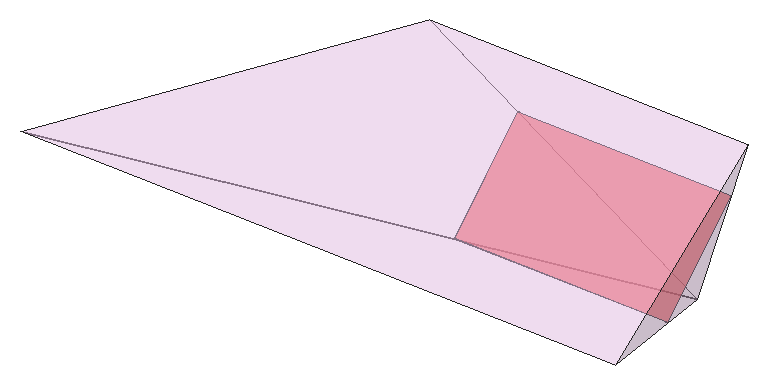
Revit family "Camera-Security-Panasonic-Super_Dynamic-Vandal_Resistant-Dome-Network-S2231LSeriesX", category Security Devices, host Face, Revit 2013
Parameters (values of type "Camera-Security-Panasonic-ViewVolumePTYZ")
  z Yaw Actual [instance] = if(Yaw < 0.00°, 360.00° - (abs(Yaw) - rounddown(abs(Yaw) / 360.00°) * 360.00°), Yaw - rounddown(Yaw / 360.00°) * 360.00°)  # 0.00°
  z Void Width [instance] = if(z Screen Width > z Screen Height, z Screen Width, z Screen Height) + abs(Viewpoint Origin Horizontal Offset) + z Void Thickness * 2  # 32147.005 mm
  z Void Thickness [instance] = z Screen Depth + abs(Base Height Offset)  # 10300 mm
  z Void Height Start [instance] = -z Void Width / 2  # -16073.503 mm
  z Void Height End [instance] = z Void Width / 2  # 16073.503 mm
  z Void Direction [instance] = if((if(On Wall, 1, 0) + if(On Floor, 1, 0) + if(On Ceiling, 1, 0)) = 1, if(On Ceiling, 0, if(On Wall, 1, 2)), On Default Mount Type)  # 0
  z Viewpoint Depth [instance] = if(Viewpoint Depth < 1 mm, 1 mm, Viewpoint Depth)  # 150 mm
  z Tilt Actual [instance] = if(Tilt < 0.00°, 360.00° - (abs(Tilt) - rounddown(abs(Tilt) / 360.00°) * 360.00°), Tilt - rounddown(Tilt / 360.00°) * 360.00°)  # 45.00°
  z Target Visible [instance] = not(Screen Depth < Target Depth)  # yes
  z Target Thickness Start = -z Target Thickness / 2  # -1 mm
  z Target Thickness End = z Target Thickness / 2  # 1 mm
  z Target Depth [instance] = Target Depth + Viewpoint Depth  # 2150 mm
  z Pan Actual [instance] = if(Pan < 0.00°, 360.00° - (abs(Pan) - rounddown(abs(Pan) / 360.00°) * 360.00°), Pan - rounddown(Pan / 360.00°) * 360.00°)  # 0.00°
  z Floor Distance [instance] = if(z Void Direction = 2, if(Floor Distance < 0 mm, 0 mm, Floor Distance), if(Floor Distance < 10 mm, 10 mm, Floor Distance))  # 3000 mm
  z Const Yaw Base2 Length = 440 mm  # constant formula
  z Const Tilt Base2 Length = 500 mm  # constant formula
  z Ceiling Distance [instance] = if(z Void Direction = 2, if(Ceiling Distance < 10 mm, 10 mm, Ceiling Distance), if(Ceiling Distance < 0 mm, 0 mm, Ceiling Distance))  # 0 mm
  z Const Void Handle Length = 600 mm  # constant formula
  z Void Angle [instance] = if(z Void Direction = 0, 0.00° + Base Angle Offset, if(z Void Direction = 1, 90.00° + Base Angle Offset, 180.00° + Base Angle Offset))  # 0.00°
  z Screen Depth [instance] = if(Screen Depth < 100 mm, 100 mm + Viewpoint Depth, Screen Depth + Viewpoint Depth)  # 10150 mm
  Original Creation Date = "September, 15, 2016"  # constant formula
  On Default Mount Type [instance] = 0
  Manufacturer = "Panasonic"  # constant formula
  Family Version = "1.0.0"  # constant formula
  Date Last Modified = "September, 15, 2016"  # constant formula
  Copyright = "Copyright © Panasonic"  # constant formula
  Base Height Offset [instance] = 150 mm
  Base Angle Offset [instance] = 0.00°
  z Viewpoint Width = 1 mm  # constant formula
  z Viewpoint Height = 1 mm  # constant formula
  VFOV [instance] = 33.75°
  z Target Width [instance] = Target Depth * tan(HFOV / 2) * 2  # 2309.401 mm
  z Target Thickness = 2 mm  # constant formula
  z Target Height [instance] = Target Depth * tan(VFOV / 2) * 2  # 1213.387 mm
  Target Depth [instance] = 2000 mm
  z Screen Width [instance] = (z Screen Depth - Viewpoint Depth) * tan(HFOV / 2) * 2  # 11547.005 mm
  z Screen Height [instance] = (z Screen Depth - Viewpoint Depth) * tan(VFOV / 2) * 2  # 6066.934 mm
  Screen Depth [instance] = 10000 mm
  z Const Yaw Handle Length = 235 mm  # constant formula
  z Const Yaw Base Length = 260 mm  # constant formula
  Viewpoint Depth [instance] = 150 mm
  Viewpoint Origin Horizontal Offset [instance] = 0 mm
  z Const Tilt Handle Length = 360 mm  # constant formula
  z Const Tilt Base Length = 250 mm  # constant formula
  z Const Pan Handle Length = 500 mm  # constant formula
  z Const Pan Axis Length = 400 mm  # constant formula
  On Wall [instance] = no
  On Floor [instance] = no
  On Ceiling [instance] = yes
  HFOV [instance] = 60.00°
  Yaw [instance] = 0.00°
  Tilt [instance] = 45.00°
  Pan [instance] = 0.00°
  Floor Distance [instance] = 3000 mm
  Ceiling Distance [instance] = 0 mm
Reference planes
  plane 1 "Center (Front/Back)": y = 0
  plane 2: z = 0
  plane 3 "Center (Left/Right)": x = 0
  plane 4 "VoidOffsetBase": z = -150
Forms (mm)
  Extrusion 1, void
    sketch origin (0, 0, -150) x (0, 0, 1) y (0, -1, 0)
      loop
        line (13300, 16073.503) -> (3000, 16073.503) -> (3000, -16073.503) -> (13300, -16073.503) -> (13300, 16073.503)
      loop
        line (0, 16073.503) -> (-10300, 16073.503) -> (-10300, -16073.503) -> (0, -16073.503) -> (0, 16073.503)
    from -16073.503 <- "z Void Height Start" to 16073.503 <- "z Void Height End"
  Blend 2, solid, material "Panasonic - ViewVolume"
    base sketch origin (0, -106.066, 106.066) x (0, 0.707107, 0.707107) y (-1, 0, 0)
      loop
        line (-0.5, -0.5) -> (0.5, -0.5) -> (0.5, 0.5) -> (-0.5, 0.5) -> (-0.5, -0.5)
    top sketch origin (0, -7177.134, 7177.134) x (0, 0.707107, 0.707107) y (-1, 0, 0)
      loop
        line (-3033.467, -5773.503) -> (3033.467, -5773.503) -> (3033.467, 5773.503) -> (-3033.467, 5773.503) -> (-3033.467, -5773.503)
    from 0 to 0
  Extrusion 3, solid, material "Panasonic - Target", visible <- "z Target Visible"
    sketch origin (0, -1520.28, 1520.28) x (0, 0.707107, 0.707107) y (-1, 0, 0)
      loop
        line (-606.693, -1154.701) -> (606.693, -1154.701) -> (606.693, 1154.701) -> (-606.693, 1154.701) -> (-606.693, -1154.701)
    from -1 <- "z Target Thickness Start" to 1 <- "z Target Thickness End"
Cuts and joins
  Extrusion 1 cuts Blend 2
  Extrusion 1 cuts Extrusion 3
Lines and regions (mm)
  reference lines
    curve 1: line (0, 0, 0) -> (500, 0, 0)
    curve 2: line (0, 0, -400) -> (0, 0, 0)
    curve 3: line (0, 0, 0) -> (0, -250, 0)
    curve 4: line (0, 0, 0) -> (0, 0, 500)
    curve 5: line (0, -254.558, 254.558) -> (0, 0, 0)
    curve 6: line (0, 0, 0) -> (0, 183.848, 183.848)
    curve 7: line (0, 0, 0) -> (-440, 0, 0)
    curve 8: line (0, 0, 0) -> (-235, 0, 0)
    curve 9: line (0, -106.066, 106.066) -> (0, 0, 0)
    curve 10: line (0, 0, 0) -> (0, -1520.28, 1520.28)
    curve 11: line (0, 0, 0) -> (0, -7177.134, 7177.134)
    curve 12: line (-0.5, -105.712, 106.42) -> (0.5, -105.712, 106.42)
    curve 13: line (-0.5, -106.42, 105.712) -> (0.5, -106.42, 105.712)
    curve 14: line (-0.5, -105.712, 106.42) -> (-0.5, -106.42, 105.712)
    curve 15: line (0.5, -105.712, 106.42) -> (0.5, -106.42, 105.712)
    curve 16: line (-1154.701, -1091.283, 1949.277) -> (1154.701, -1091.283, 1949.277)
    curve 17: line (-1154.701, -1949.277, 1091.283) -> (1154.701, -1949.277, 1091.283)
    curve 18: line (-1154.701, -1091.283, 1949.277) -> (-1154.701, -1949.277, 1091.283)
    curve 19: line (1154.701, -1091.283, 1949.277) -> (1154.701, -1949.277, 1091.283)
    curve 20: line (-5773.503, -5032.149, 9322.119) -> (-5773.503, -9322.119, 5032.149)
    curve 21: line (5773.503, -5032.149, 9322.119) -> (5773.503, -9322.119, 5032.149)
    curve 22: line (-5773.503, -5032.149, 9322.119) -> (5773.503, -5032.149, 9322.119)
    curve 23: line (-5773.503, -9322.119, 5032.149) -> (5773.503, -9322.119, 5032.149)
    curve 24: line (0, 0, -150) -> (0, 0, 450)
    curve 25: line (0, -16073.503, 13150) -> (0, 16073.503, 13150)
    curve 26: line (0, -16073.503, 2850) -> (0, -16073.503, 13150)
    curve 27: line (0, 16073.503, 2850) -> (0, -16073.503, 2850)
    curve 28: line (0, 16073.503, 13150) -> (0, 16073.503, 2850)
    curve 29: line (0, -16073.503, -150) -> (0, 16073.503, -150)
    curve 30: line (0, -16073.503, -10450) -> (0, -16073.503, -150)
    curve 31: line (0, 16073.503, -10450) -> (0, -16073.503, -10450)
    curve 32: line (0, 16073.503, -150) -> (0, 16073.503, -10450)
Dimensions and locks
  "z Const Pan Handle Length": curve 1 to curve 1
  "z Const Pan Axis Length": curve 2 to curve 2
  "z Const Tilt Base Length": curve 3 to curve 3
  "z Const Pan Axis Length": curve 1 to curve 2
  "Viewpoint Origin Horizontal Offset": curve 4 to curve 2
  "z Const Tilt Base2 Length": curve 4 to curve 4
  "z Const Tilt Handle Length": curve 5 to curve 5
  "z Const Yaw Base Length": curve 6 to curve 6
  "z Const Yaw Base2 Length": curve 7 to curve 7
  "z Const Yaw Handle Length": curve 8 to curve 8
  "z Viewpoint Depth": curve 9 to curve 9
  "z Target Depth": curve 10 to curve 10
  "z Screen Depth": curve 11 to curve 11
  equal spacing: curve 13, curve 9, curve 12
  "z Viewpoint Height": curve 13 to curve 12
  equal spacing: curve 14, curve 9, curve 15
  "z Viewpoint Width": curve 14 to curve 15
  equal spacing: curve 17, curve 10, curve 16
  "z Target Height": curve 17 to curve 16
  equal spacing: curve 18, curve 10, curve 19
  "z Target Width": curve 18 to curve 19
  equal spacing: curve 20, curve 11, curve 21
  "z Screen Width": curve 20 to curve 21
  equal spacing: curve 23, curve 11, curve 22
  "z Screen Height": curve 23 to curve 22
  "z Const Void Handle Length": curve 24 to curve 24
  equal spacing: curve 26, curve 24, curve 28
  "z Void Width": curve 26 to curve 28
  "z Floor Distance": curve 27 to curve 24
  "z Ceiling Distance": curve 29 to curve 24
  "z Void Thickness": curve 31 to curve 29
  "z Void Thickness": curve 25 to curve 27
  "Base Height Offset": level to plane 4 "VoidOffsetBase"
  locked: curve 3 to curve 2 (angle 90.00°)
  locked: curve 3 to curve 4 (angle 90.00°)
  "z Tilt Actual": angle curve 4 to curve 5
  locked: curve 6 to curve 7 (angle 90.00°)
  locked: curve 6 to curve 5 (angle 90.00°)
  locked: curve 9 to curve 5 (angle 0.00°)
  locked: curve 10 to curve 5 (angle 0.00°)
  locked: curve 11 to curve 5 (angle 0.00°)
  "z Void Angle": angle plane 1 "Center (Front/Back)" to curve 24
  "z Yaw Actual": angle curve 7 to curve 8
  "z Pan Actual": angle plane 1 "Center (Front/Back)" to curve 1
  aligned and locked: level to plane 2
  aligned and locked: curve 2 to curve 1
  aligned and locked: curve 2 to curve 3
  aligned and locked: curve 3 to curve 2
  aligned and locked: curve 3 to curve 5
  aligned and locked: curve 6 to curve 7
  aligned and locked: curve 6 to curve 8
  aligned and locked: curve 8 to curve 7
  aligned and locked: curve 7 to curve 6
  aligned and locked: curve 5 to curve 11
  aligned and locked: curve 11 to curve 8
  aligned and locked: curve 12 to curve 15
  aligned and locked: curve 15 to curve 15
  aligned and locked: curve 14 to curve 14
  aligned and locked: curve 13 to curve 15
  aligned and locked: curve 16 to curve 19
  aligned and locked: curve 18 to curve 18
  aligned and locked: curve 17 to curve 19
  aligned and locked: curve 22 to curve 22
  aligned and locked: curve 21 to curve 23
  aligned and locked: curve 20 to curve 23
  aligned and locked: curve 23 to curve 23
  aligned and locked: plane 1 "Center (Front/Back)" to curve 24
  aligned and locked: curve 30 to curve 26
  aligned and locked: curve 28 to curve 32
  aligned and locked: Extrusion 1 sketch curve to curve 25
  aligned and locked: Extrusion 1 sketch curve to curve 26
  aligned and locked: Extrusion 1 sketch curve to curve 27
  aligned and locked: Extrusion 1 sketch curve to curve 28
  aligned and locked: Extrusion 1 sketch curve to curve 29
  aligned and locked: Extrusion 1 sketch curve to curve 30
  aligned and locked: Extrusion 1 sketch curve to curve 31
  aligned and locked: Extrusion 1 sketch curve to curve 32
  aligned and locked: Extrusion 1 sketch curve to Extrusion 1 sketch curve  (x8)
  aligned and locked: Blend 2 sketch curve to curve 15
  aligned and locked: Blend 2 sketch curve to curve 13
  aligned and locked: Blend 2 sketch curve to curve 14
  aligned and locked: Blend 2 sketch curve to curve 12
  aligned and locked: Blend 2 sketch curve to Blend 2 sketch curve  (x8)
  aligned and locked: Blend 2 sketch curve to curve 21
  aligned and locked: Blend 2 sketch curve to curve 23
  aligned and locked: Blend 2 sketch curve to curve 20
  aligned and locked: Blend 2 sketch curve to curve 22
  aligned and locked: Extrusion 3 sketch curve to curve 19
  aligned and locked: Extrusion 3 sketch curve to curve 17
  aligned and locked: Extrusion 3 sketch curve to curve 18
  aligned and locked: Extrusion 3 sketch curve to curve 16
  aligned and locked: Extrusion 3 sketch curve to Extrusion 3 sketch curve  (x4)
  aligned and locked: plane 3 "Center (Left/Right)" to curve 1
  aligned and locked: plane 1 "Center (Front/Back)" to curve 1
  aligned and locked: level to curve 2
  aligned and locked: plane 4 "VoidOffsetBase" to curve 24
Automatic sketch dimensions
  curve 6 to curve 5 = 0 mm
  curve 6 to curve 5 = 260 mm
Types in the file's own list only (2): name | z Zero | z VV Viewpoint Depth Min | z VV Viewpoint Depth Max | z VV Origin Horizontal Offset | z Type | z Dome Radius | z Dome Material | z Const Yaw Handle Length | z Const Yaw Base2 Length | z Const Yaw Base Length | z Const Tilt Handle Length | z Const Tilt Base2 Length | z Const Tilt Base Length | z Const Pan Handle Length | z Camera Resolution Type | z Bracket Radius | z Base Radius | z Base Height | Yawing Range | Yaw Min | Yaw Max | Wide Dynamic Range | Weight | Voltage DC | Vandal Resistant | VFOV Min 43 | VFOV Min 169 | VFOV Max 43 | VFOV Max 169 | URL | Tilting Range | Tilt Min | Tilt Max | Storage Temperature | Shock Resistance | Regulatory Compliance | Provide Feedback | Product Page URL | Product Material | Product Documentation Link | Power Active | Part Number | Part Description | Panning Range | Pan Min | Pan Max | PPM Target Height | Original Creation Date | Operational Temperature | Operational Humidity | Mounting Positions | Model Disclaimer | Model | Minimum Illumination | Indoor Or Outdoor | IP Or Analog | Height | Has POE | HFOV Min 43 | HFOV Min 169 | HFOV Max 43 | HFOV Max 169 | Equipment Abbreviation | Dome Part Number | Diameter | Description | Default Elevation | Day Or Night | Date Last Modified | Communication Ports | Audio Out | Audio In | Angle Of View | Alarm Input Or Output Specification
  WV-S2231L | 0.000 " | 0.866 " | 1.220 " | 0.000 " | 1 | 1.831 " | Glass - Panasonic - Smoked | 9.252 " | 17.323 " | 10.236 " | 11.811 " | 19.685 " | 9.843 " | 19.488 " | 1 | 3.661 " | 2.549 " | 2.205 " | "-100 to +100" | -100.00° | 100.00° | Yes | 1.65 lb | 12 V | Yes | 19.00° | 17.00° | 66.00° | 59.00° | "http://security.panasonic.com/pss/security/" | "-30 to +85" | -30.00° | 85.00° | "14°F - 122°F" | "Compliant with IK10 (IEC 62262)" | "UL UL60950-1, C-UL CAN/CSA C22.2 No.60950-1, CE, IEC60950-1 FCC Part15 ClassA, ICES003 ClassA, EN55022 ClassB, EN55024" | "https://www.surveymonkey.com/s/95FL6QY" | "http://security.panasonic.com/products/wv-s2231l/" | Paint - Panasonic - Sail White | "http://ssbu-t.psn-web.net/Products/IP_camera/WV-S2231L/Specsheet/WV-S2231L-A4.pdf" | 6.8 W | "WV-S2231L" | "Security Camera, Fixed Dome, Network, Super Dynamic Vandal Resistant FullHD" | "-240 to +120" | -240.00° | 120.00° | 7.008 " | "2016/10/31" | "14°F - 122°F" | "10% to 90% (no condensation)" | "Surface Mount" | "Contact Panasonic for more information" | "WV-S2231L" | 0.012 lx | "Indoor" | "IP" | 4.035 " | Yes | 25.00° | 30.00° | 90.00° | 110.00° | "SC" | "WV-CR1S" | 5.098 " | "Security Camera, Fixed Dome, Network, Super Dynamic Vandal Resistant FullHD" | 0.000 " | "Yes" | "2016/10/31" | "10Base-T / 100Base-TX, RJ45 connector" | "Yes" | "Yes" | "110" | "ALARM IN 1 (DAY/NIGHT IN, Auto time adjustment) (x1),ALARM IN 2 (ALARM OUT) (x1), ALARM IN 3 (AUX OUT) (x1)"
  WV-S2211L | 0.000 " | 0.866 " | 1.220 " | 0.000 " | 1 | 1.831 " | Glass - Panasonic - Smoked | 9.252 " | 17.323 " | 10.236 " | 11.811 " | 19.685 " | 9.843 " | 19.488 " | 2 | 3.661 " | 2.549 " | 2.205 " | "-100 to +100" | -100.00° | 100.00° | Yes | 1.65 lb | 12 V | Yes | 19.00° | 17.00° | 66.00° | 59.00° | "http://security.panasonic.com/pss/security/" | "-30 to +85" | -30.00° | 85.00° | "14°F - 122°F" | "Compliant with IK10 (IEC 62262)" | "UL UL60950-1, C-UL CAN/CSA C22.2 No.60950-1, CE, IEC60950-1 FCC Part15 ClassA, ICES003 ClassA, EN55022 ClassB, EN55024" | "https://www.surveymonkey.com/s/95FL6QY" | "http://security.panasonic.com/products/wv-s2211l/" | Paint - Panasonic - Sail White | "http://ssbu-t.psn-web.net/Products/IP_camera/WV-S2211L/Specsheet/WV-S2211L-A4.pdf" | 6.8 W | "WV-S2211L" | "Security Camera, Fixed Dome, Network, Super Dynamic HD" | "-240 to +120" | -240.00° | 120.00° | 7.008 " | "2016/10/31" | "14°F - 122°F" | "10% to 90% (no condensation)" | "Surface Mount" | "Contact Panasonic for more information" | "WV-S2211L" | 0.008 lx | "Indoor" | "IP" | 4.035 " | Yes | 25.00° | 30.00° | 90.00° | 110.00° | "SC" | "WV-CR1S" | 5.098 " | "Security Camera, Fixed Dome, Network, Super Dynamic HD" | 0.000 " | "Yes" | "2016/10/31" | "10Base-T / 100Base-TX, RJ45 connector" | "Yes" | "Yes" | "110" | "ALARM IN 1 (DAY/NIGHT IN, Auto time adjustment) (x1),ALARM IN 2 (ALARM OUT) (x1), ALARM IN 3 (AUX OUT) (x1)"
